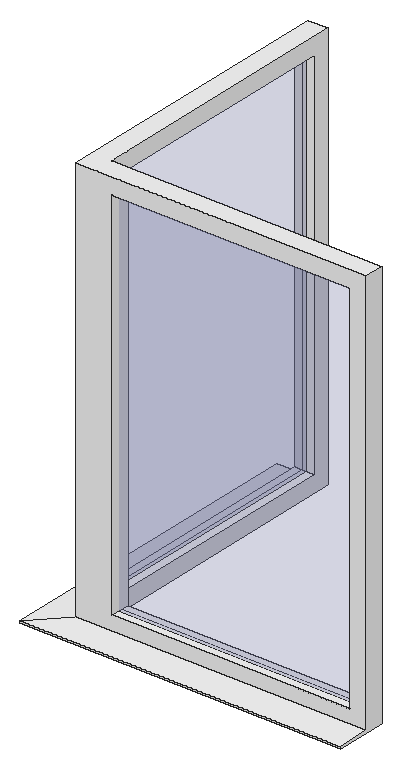
Revit family
Parameters (values of type "1.25m x 0.9m")
  Operation = "Défini par l'utilisateur"
  Largeur du cadre = 50 mm
  Height = 1250 mm
  Wall Closure = (empty or 0)
  Width = 900 mm
  Fenêtre = PVC - Blanc
  Décalage nu intérieur [instance] = 0 mm
  Assembly Code = ""
  Angle des murs [instance] = 90.00°
Reference planes
  plane 1: y = 0
  plane 2 "Gauche": x = -500
  plane 3 "Droite": x = 400
  plane 4 "Appui": z = 800
  plane 5 "Tête": z = 2050
  plane 6 "Extérieur": y = 75
  plane 7 "Intérieur": y = -75
Forms (mm)
  Extrusion 1, void
    sketch origin (-500, 0, 800) x (-1, 0, 0) y (0, 1, 0)
      loop
        line (300, -300) -> (300, 900) -> (-300, 900) -> (-300, 300) -> (-900, 300) -> (-900, -300) -> (300, -300)
    from 0 to -1250
  Sweep 2, solid, material "PVC - Blanc" <- "Fenêtre"
    path origin (-500, 0, 800) x (0, 1, 0) y (-1, 0, 0)
      loop
        line (900, 0) -> (0, 0) -> (0, -900)
    profile origin (-50, 0, 800) x (0, 1, 0) y (0, 0, 1)
      loop
        line (-80, 0) -> (75, 0) -> (75, 50) -> (15, 50) -> (15, 8) -> (-80, 5) -> (-80, 0)
      loop
        line (15, 1250) -> (15, 1200) -> (75, 1200) -> (75, 1250) -> (15, 1250)
  Extrusion 3, solid, material "PVC - Blanc" <- "Fenêtre"
    sketch origin (-500, 0, 800) x (0, 1, 0) y (-1, 0, 0)
      loop
        line (75, -75) -> (125, -75) -> (125, -15) -> (15, -15) -> (15, -125) -> (75, -125) -> (75, -75)
      loop
        line (900, -15) -> (850, -15) -> (850, -75) -> (900, -75) -> (900, -15)
      loop
        line (75, -900) -> (75, -850) -> (15, -850) -> (15, -900) -> (75, -900)
    from 50 to 1200
  Extrusion 4, solid, material "Fenêtre - Vitrage"
    sketch origin (-485, 15, 800) x (1, 0, 0) y (0, 0, 1)
      loop
        line (110, 50) -> (835, 50) -> (835, 1200) -> (110, 1200) -> (110, 50)
    from -36 to -24
  Extrusion 5, solid, material "Fenêtre - Vitrage"
    sketch origin (-485, 125, 800) x (0, -1, 0) y (0, 0, 1)
      loop
        line (-725, 50) -> (0, 50) -> (0, 1200) -> (-725, 1200) -> (-725, 50)
    from -36 to -24
Cuts and joins
  joined: Sweep 2, Extrusion 3
Lines and regions (mm)
  reference lines
    curve 1: line (-500, 0, 800) -> (-500, 900, 800)
Text (mm)
  text "Extérieur" at (-1963.203, 1332.353, 0), in view "Niveau de réf."
  text "Intérieur" at (-1981.466, -818.386, 0), in view "Niveau de réf."
  text "Extérieur" at (0, 923.751, 2943.296), in view "Droite"
  text "Extérieur" at (0, 1040.484, 2685.409), in view "Gauche"
Dimensions and locks
  plane 2 "Gauche" to plane 3 "Droite" = 900 mm
  "Width": plane 2 "Gauche" to plane 3 "Droite"
  "Height": plane 4 "Appui" to plane 5 "Tête"
  locked: plane 4 "Appui" to level at 800
  locked: plane 6 "Extérieur" to host wall at 0
  locked: plane 7 "Intérieur" to host wall
  Extrusion 1 sketch curve to curve 1 to Extrusion 1 sketch curve = 300 mm locked, 300 mm locked
  Extrusion 1 sketch curve to host wall to Extrusion 1 sketch curve = 300 mm locked, 300 mm locked
  "Width": curve 1 to curve 1
  "Largeur du cadre": Sweep 2 sketch curve to Sweep 2 sketch curve  (x2)
  locked: Sweep 2 sketch curve to Sweep 2 sketch curve at 60
  "Décalage nu intérieur": Sweep 2 sketch curve to plane 6 "Extérieur"
  "Largeur du cadre": Extrusion 3 sketch curve to Extrusion 3 sketch curve  (x4)
  locked: Sweep 2 sketch curve to plane 7 "Intérieur" at 5
  locked: Sweep 2 sketch curve to Sweep 2 sketch curve at 5
  locked: Sweep 2 sketch curve to Sweep 2 sketch curve at 8
  "Angle des murs": angle host wall to curve 1
  aligned and locked: Extrusion 1 sketch curve to plane 3 "Droite"
  aligned and locked: Extrusion 1 to plane 5 "Tête"
  aligned and locked: Sweep 2 sketch curve to host wall
  aligned and locked: curve 1 to Sweep 2 sketch curve
  aligned and locked: Sweep 2 sketch curve to plane 3 "Droite"
  aligned and locked: Extrusion 1 sketch curve to curve 1
  aligned and locked: plane 4 "Appui" to Sweep 2 sketch curve
  aligned and locked: plane 5 "Tête" to Sweep 2 sketch curve
  aligned and locked: Sweep 2 sketch curve to Sweep 2 sketch curve  (x2)
  aligned and locked: Sweep 2 to Extrusion 3 sketch curve  (x4)
  aligned and locked: Extrusion 3 sketch curve to Sweep 2  (x5)
  aligned and locked: Extrusion 3 to Sweep 2
  aligned and locked: Extrusion 3 sketch curve to Extrusion 3 sketch curve
  aligned and locked: Extrusion 4 sketch curve to cut or joined group of Sweep 2, Extrusion 3  (x3)
  aligned and locked: cut or joined group of Sweep 2, Extrusion 3 to Extrusion 4 sketch curve
  aligned and locked: Extrusion 5 sketch curve to cut or joined group of Sweep 2, Extrusion 3  (x3)
  aligned and locked: cut or joined group of Sweep 2, Extrusion 3 to Extrusion 5 sketch curve
Automatic sketch dimensions
  curve 1 to host wall = 0 mm
  curve 1 to plane 2 "Gauche" = 0 mm
  Sweep 2 sketch curve to curve 1 = 0 mm
